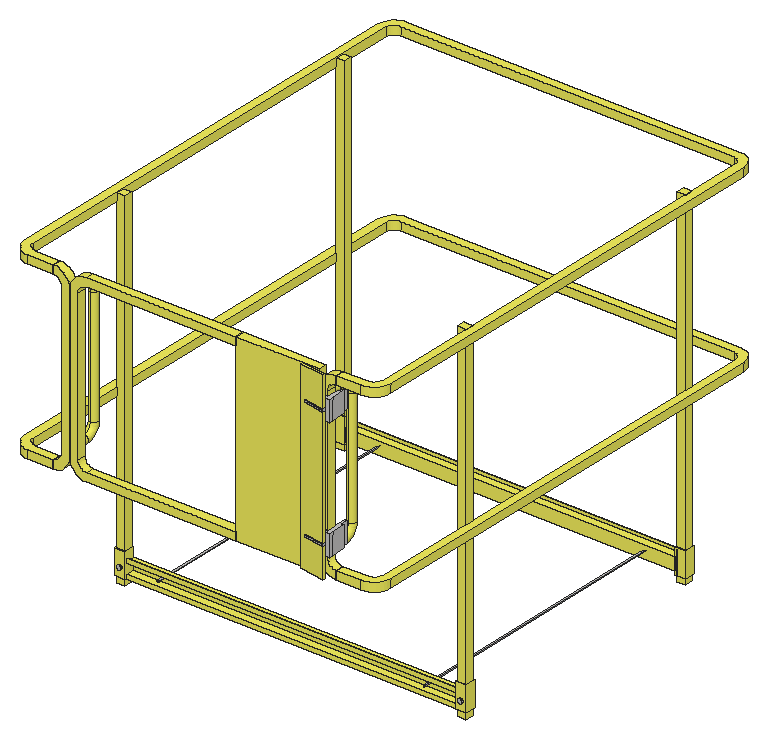
Revit family "Railing_Hatch-Defender-II_BlueWater", category Railings, Revit 2026
Family settings
  Work Plane-Based = No
  Always vertical = Yes
  Cut with Voids When Loaded = No
  Shared = No
Parameters (values of type "30-36 x 30-36")
  Width [instance] = Hatch Outside Width + 6" + 6"  # 44"
  URL = "http://bluewater-mfg.com/"
  Test Data = ""
  Specification = "https://www.arcat.com/sd/speclist.cgi?coid=41461&mf=04&coname=BlueWater%20Mfg.,%20Inc.&speclist=055200blu.05520blu.Handrails.and.Railings_"
  Side Clearance = 6"
  Sales Information = "http://bluewater-mfg.com/request-a-quote/"
  Revision = "R1_2018-05"
  Rear Clearance = 9 1/2"
  Rail Material [instance] = Paint_Enamel - Yellow
  Product Data = "https://www.arcat.com/catalogs/bluewatm/railings-metal/html5/index.html?id=41461"
  Hatch Outside Width = 32"
  Model = "Hatch Defender II 30-36 x 30-36"
  Manufacturer Website = "http://bluewater-mfg.com/"
  Manufacturer Phone - Toll Free = "(866) 494-0974"
  Manufacturer Phone = "(866) 494-0974"
  Manufacturer Fax = ""
  Manufacturer Address = "4064 Peavey Rd, Chaska, MN 55318"
  Manufacturer = "BlueWater"
  Keynote = "05 52 00"
  Installation-Fabrication = "https://www.arcat.com/catalogs/bluewatm/railings-metal/html5/index.html?id=41461"
  Height = 42"
  Hatch Outside Depth = 32"
  Hatch Opening Width = Hatch Outside Width - 2"  # 30"
  Hatch Opening Depth = Hatch Outside Depth - 2"  # 30"
  Hardware Material = Steel - Galvanized - BlueWater
  Green Building-LEED = "https://www.arcat.com/green/clients/cos41/leed_product_credits_41461_169565.html"
  Front Clearance = 15 1/2"
  Drawn By = "Sumex Design, Inc. / Robert S. Weygant, CSI, CDT, SCIP"  # constant formula
  Description = "Hatch Guardrail"
  Depth [instance] = Hatch Outside Depth + 9 1/2" + 15 1/2"  # 57"
  Curb Height - 3" Min [instance] = 3"
  Copyright = "©Arcat Inc. R1_2017-03"  # constant formula
  Construction Details = "https://www.arcat.com/content?coid=41461&w=bluewatm&prodid=169565&mf=&type=cad&qstr=Q:hatch%20AND%20defender"
  Category = ""
  Building Codes = "http://bluewater-mfg.com/osha-regulations/"
Types (6): name | Width | Hatch Outside Width | Model | Hatch Outside Depth | Hatch Opening Width | Hatch Opening Depth | Depth
  (no name) | 44" | 32" | "Hatch Defender II 30-36 x 30-36" | 32" | 30" | 30" | 57"
  30-36 x 30-36 | 44" | 32" | "Hatch Defender II 30-36 x 30-36" | 32" | 30" | 30" | 57"
  30-36 x 42 | 44" | 32" | "Hatch Defender II 30-36 x 42" | 44" | 30" | 42" | 69"
  30-36 x 54 | 44" | 32" | "Hatch Defender II 30-36 x 54" | 56" | 30" | 54" | 81"
  30-36 x 96 | 44" | 32" | "Hatch Defender II 30-36 x 96" | 98" | 30" | 96" | 123"
  48 x 48 | 62" | 50" | "Hatch Defender II 48 x 48" | 50" | 48" | 48" | 75"
Reference planes (in)
  plane 1 "Center (Front/Back)": y = 0
  plane 2 "Bottom": z = 0
  plane 3 "Center (Left/Right)": x = 0
  plane 4 "Left": x = -22
  plane 5 "Right": x = 22
  plane 6 "Back": y = 28.5
  plane 7 "Front": y = -28.5
  plane 8: y = -27.25
  plane 9: y = 19
  plane 10: x = 16
  plane 11: y = -13
  plane 12: x = -15
  plane 13: x = 15
  plane 14: y = 3.125
  plane 15 "Top": z = 42
  plane 16: z = 21
  plane 17: z = 41
  plane 18: z = 20
  plane 19: z = 3
  plane 20: y = -27.5
  plane 21: y = 27.5
  plane 22: x = -21
  plane 23: x = 21
  plane 24: y = 20
  plane 25: x = 20
  plane 26: x = -20
  plane 27: y = -14
  plane 28: y = 20.125
  plane 29: x = 19.875
  plane 30: x = 21.125
  plane 31: y = 18.875
  plane 32: y = -12.875
  plane 33: y = -14.125
  plane 34: x = -19.875
  plane 35: x = -21.125
  plane 36: z = 3.79007
  plane 37: z = 0.79007
  plane 38: z = 1.89504
  plane 39: x = -20.5
  plane 40: x = 20.5
  plane 41: x = 5
  plane 42: x = -14
  plane 43: y = -28.625
  plane 44: y = -28.75
  plane 45: x = -16
  plane 46: x = 16
  plane 47: x = -16
  plane 48: x = 16
  plane 49: z = 31
  plane 50: z = 33
  plane 51: z = 29
  plane 52: y = -24.25
  plane 53: y = -14.25
  plane 54: y = 20.25
  plane 55 "Left Grab Bar": x = -15.5
  plane 56: z = 39.5
  plane 57: z = 22.5
  plane 58: x = -17
  plane 59: x = 17
  plane 60: x = 15.5
Forms (in)
  Extrusion 1, solid, material "Paint_Enamel - Yellow" <- "Rail Material"
    sketch origin (0, 0, 0) x (1, 0, 0) y (0, 1, 0)
      loop
        arc (-22, -26.5) -> (-21.41421, -27.91421) -> (-20, -28.5) r 2
        line (-20, -28.5) -> (-17, -28.5) -> (-17, -27.5) -> (-20, -27.5)
        arc (-20, -27.5) -> (-20.70711, -27.20711) -> (-21, -26.5) r 1
        line (-21, -26.5) -> (-21, 26.5)
        arc (-21, 26.5) -> (-20.70711, 27.20711) -> (-20, 27.5) r 1
        line (-20, 27.5) -> (20, 27.5)
        arc (20, 27.5) -> (20.70711, 27.20711) -> (21, 26.5) r 1
        line (21, 26.5) -> (21, -26.5)
        arc (21, -26.5) -> (20.70711, -27.20711) -> (20, -27.5) r 1
        line (20, -27.5) -> (17, -27.5) -> (17, -28.5) -> (20, -28.5)
        arc (20, -28.5) -> (21.41421, -27.91421) -> (22, -26.5) r 2
        line (22, -26.5) -> (22, 26.5)
        arc (22, 26.5) -> (21.41421, 27.91421) -> (20, 28.5) r 2
        line (20, 28.5) -> (-20, 28.5)
        arc (-20, 28.5) -> (-21.41421, 27.91421) -> (-22, 26.5) r 2
        line (-22, 26.5) -> (-22, -26.5)
    from 41 to 42
  Extrusion 2, solid, material "Paint_Enamel - Yellow" <- "Rail Material"
    sketch origin (0, 0, -15.75) x (1, 0, 0) y (0, 1, 0)
      loop
        arc (-22, -26.5) -> (-21.41421, -27.91421) -> (-20, -28.5) r 2
        line (-20, -28.5) -> (-17, -28.5) -> (-17, -27.5) -> (-20, -27.5)
        arc (-20, -27.5) -> (-20.70711, -27.20711) -> (-21, -26.5) r 1
        line (-21, -26.5) -> (-21, 26.5)
        arc (-21, 26.5) -> (-20.70711, 27.20711) -> (-20, 27.5) r 1
        line (-20, 27.5) -> (20, 27.5)
        arc (20, 27.5) -> (20.70711, 27.20711) -> (21, 26.5) r 1
        line (21, 26.5) -> (21, -26.5)
        arc (21, -26.5) -> (20.70711, -27.20711) -> (20, -27.5) r 1
        line (20, -27.5) -> (17, -27.5) -> (17, -28.5) -> (20, -28.5)
        arc (20, -28.5) -> (21.41421, -27.91421) -> (22, -26.5) r 2
        line (22, -26.5) -> (22, 26.5)
        arc (22, 26.5) -> (21.41421, 27.91421) -> (20, 28.5) r 2
        line (20, 28.5) -> (-20, 28.5)
        arc (-20, 28.5) -> (-21.41421, 27.91421) -> (-22, 26.5) r 2
        line (-22, 26.5) -> (-22, -26.5)
    from 35.75 to 36.75
  Extrusion 3, solid, material "Paint_Enamel - Yellow" <- "Rail Material"
    sketch origin (0, 0, 0) x (1, 0, 0) y (0, 1, 0)
      loop
        line (-21, 20) -> (-21, 19) -> (-20, 19) -> (-20, 20) -> (-21, 20)
      loop
        line (20, 20) -> (20, 19) -> (21, 19) -> (21, 20) -> (20, 20)
      loop
        line (-21, -13) -> (-21, -14) -> (-20, -14) -> (-20, -13) -> (-21, -13)
      loop
        line (20, -13) -> (20, -14) -> (21, -14) -> (21, -13) -> (20, -13)
    from 0 to 42
  Extrusion 4, solid, material "Paint_Enamel - Yellow" <- "Rail Material"
    sketch origin (0, 0, 0) x (1, 0, 0) y (0, 1, 0)
      loop
        line (-21.125, 20.125) -> (-21.125, 18.875) -> (-19.875, 18.875) -> (-19.875, 20.125) -> (-21.125, 20.125)
      loop
        line (-21, 20) -> (-21, 19) -> (-20, 19) -> (-20, 20) -> (-21, 20)
      loop
        line (19.875, 20.125) -> (19.875, 18.875) -> (21.125, 18.875) -> (21.125, 20.125) -> (19.875, 20.125)
      loop
        line (20, 20) -> (20, 19) -> (21, 19) -> (21, 20) -> (20, 20)
      loop
        line (19.875, -12.875) -> (19.875, -14.125) -> (21.125, -14.125) -> (21.125, -12.875) -> (19.875, -12.875)
      loop
        line (20, -13) -> (20, -14) -> (21, -14) -> (21, -13) -> (20, -13)
      loop
        line (-21.125, -12.875) -> (-21.125, -14.125) -> (-19.875, -14.125) -> (-19.875, -12.875) -> (-21.125, -12.875)
      loop
        line (-21, -13) -> (-21, -14) -> (-20, -14) -> (-20, -13) -> (-21, -13)
    from 0.79007 to 3.79007
  Extrusion 5, solid, material "Paint_Enamel - Yellow" <- "Rail Material"
    sketch origin (0, 0, 0) x (0, 1, 0) y (0, 0, 1)
      loop
        line (-12.875, 2.63437) -> (-13.875, 2.63437) -> (-13.875, 3) -> (-14, 3) -> (-14, 2.50937) -> (-13, 2.50937) -> (-13, 1.2807) -> (-14, 1.2807) -> (-14, 0.79007) -> (-13.875, 0.79007) -> (-13.875, 1.1557) -> (-12.875, 1.1557) -> (-12.875, 2.63437)
      loop
        line (18.875, 2.63437) -> (18.875, 1.1557) -> (19.875, 1.1557) -> (19.875, 0.79007) -> (20, 0.79007) -> (20, 1.2807) -> (19, 1.2807) -> (19, 2.50937) -> (20, 2.50937) -> (20, 3) -> (19.875, 3) -> (19.875, 2.63437) -> (18.875, 2.63437)
    from -19.875 to 19.875
  Extrusion 6, solid, material "Steel - Galvanized - BlueWater" <- "Hardware Material"
    sketch origin (0, 0, 0) x (1, 0, 0) y (0, 0, 1)
      loop
        circle (-16, 1.89504) r 0.09376
      loop
        circle (16, 1.89504) r 0.09376
    from -20 to 14
  Extrusion 7, solid, material "Steel - Galvanized - BlueWater" <- "Hardware Material"
    sketch origin (0, 0, 0) x (1, 0, 0) y (0, 0, 1)
      loop
        circle (20.5, 1.89504) r 0.25
      loop
        circle (-20.5, 1.89504) r 0.25
    from 14.125 to 14.25
  Extrusion 8, solid, material "Steel - Galvanized - BlueWater" <- "Hardware Material"
    sketch origin (0, 35.37363, 0) x (1, 0, 0) y (0, 0, 1)
      loop
        circle (20.5, 1.89504) r 0.25
      loop
        circle (-20.5, 1.89504) r 0.25
    from 15.12363 to 15.24863
  Extrusion 9, solid, material "Paint_Enamel - Yellow" <- "Rail Material"
    sketch origin (0, 0, 0) x (1, 0, 0) y (0, 0, 1)
      loop
        line (5, 42) -> (5, 20) -> (15, 20) -> (15, 42) -> (5, 42)
    from 27.5 to 28.5
  Extrusion 10, solid, material "Paint_Enamel - Yellow" <- "Rail Material"
    sketch origin (0, 0, 0) x (1, 0, 0) y (0, 0, 1)
      loop
        arc (-13, 42) -> (-14.41421, 41.41421) -> (-15, 40) r 2
        line (-15, 40) -> (-15, 22)
        arc (-15, 22) -> (-14.41421, 20.58579) -> (-13, 20) r 2
        line (-13, 20) -> (5, 20) -> (5, 21) -> (-13, 21)
        arc (-13, 21) -> (-13.70711, 21.29289) -> (-14, 22) r 1
        line (-14, 22) -> (-14, 40)
        arc (-14, 40) -> (-13.70711, 40.70711) -> (-13, 41) r 1
        line (-13, 41) -> (5, 41) -> (5, 42) -> (-13, 42)
    from 27.5 to 28.5
  Sweep 11, solid, material "Paint_Enamel - Yellow" <- "Rail Material"
    path origin (-15.5, 0, 0) x (0, 1, 0) y (0, 0, 1)
      loop
        line (-27.5, 39.5) -> (-25.75, 39.5)
        arc (-25.75, 39.5) -> (-24.68934, 39.06066) -> (-24.25, 38) r 1.5
        line (-24.25, 38) -> (-24.25, 24)
        arc (-24.25, 24) -> (-24.68934, 22.93934) -> (-25.75, 22.5) r 1.5
        line (-25.75, 22.5) -> (-27.5, 22.5)
    profile origin (-15.5, -26.625, 39.5) x (0, 0, 1) y (1, 0, 0)
      loop
        circle (0, 0) r 0.5
  Sweep 12, solid, material "Paint_Enamel - Yellow" <- "Rail Material"
    path origin (15.5, 0, 0) x (0, 1, 0) y (0, 0, 1)
      loop
        line (-27.5, 39.5) -> (-25.75, 39.5)
        arc (-25.75, 39.5) -> (-24.68934, 39.06066) -> (-24.25, 38) r 1.5
        line (-24.25, 38) -> (-24.25, 24)
        arc (-24.25, 24) -> (-24.68934, 22.93934) -> (-25.75, 22.5) r 1.5
        line (-25.75, 22.5) -> (-27.5, 22.5)
    profile origin (15.5, -26.625, 39.5) x (0, 0, 1) y (1, 0, 0)
      loop
        circle (0, 0) r 0.5
  Extrusion 13, solid, material "Paint_Enamel - Yellow" <- "Rail Material"
    sketch origin (0, 0, 0) x (1, 0, 0) y (0, 1, 0)
      loop
        line (16, -29.25) -> (16, -29) -> (13, -28.5) -> (13, -28.72102) -> (16, -29.25)
    from 20 to 42
Dimensions and locks (in)
  equal spacing: plane 4 "Left", plane 3 "Center (Left/Right)", plane 5 "Right"
  locked: plane 7 "Front" to plane 8 at 1.25
  locked: plane 6 "Back" to plane 9 at 9.5
  "Side Clearance": plane 5 "Right" to plane 10
  locked: plane 7 "Front" to plane 11 at 15.5
  "Hatch Outside Depth": plane 9 to plane 11
  equal spacing: plane 6 "Back", plane 1 "Center (Front/Back)", plane 7 "Front"
  "Height": plane 15 "Top" to level
  equal spacing: plane 15 "Top", plane 16, level
  locked: plane 15 "Top" to plane 17 at 1
  locked: plane 16 to plane 18 at 1
  "Curb Height - 3" Min": plane 19 to level
  equal spacing: plane 13, plane 3 "Center (Left/Right)", plane 12
  locked: plane 13 to plane 12 at 30
  locked: plane 7 "Front" to plane 20 at 1
  locked: plane 6 "Back" to plane 21 at 1
  locked: plane 4 "Left" to plane 22 at 1
  locked: plane 23 to plane 5 "Right" at 1
  locked: plane 24 to plane 9 at 1
  locked: plane 25 to plane 23 at 1
  locked: plane 22 to plane 26 at 1
  locked: plane 27 to plane 11 at 1
  locked: plane 28 to plane 24 at 0.125
  locked: plane 9 to plane 31 at 0.125
  locked: plane 29 to plane 25 at 0.125
  locked: plane 23 to plane 30 at 0.125
  locked: plane 32 to plane 11 at 0.125
  locked: plane 27 to plane 33 at 0.125
  locked: plane 34 to plane 26 at 0.125
  locked: plane 22 to plane 35 at 0.125
  equal spacing: plane 19, plane 38, plane 37
  equal spacing: plane 26, plane 39, plane 22
  equal spacing: plane 23, plane 40, plane 25
  locked: plane 41 to plane 13 at 10
  plane 44 to plane 43 to plane 7 "Front" = 1/8" locked, 1/8" locked
  "Hatch Outside Width": plane 45 to plane 46
  equal spacing: plane 45, plane 3 "Center (Left/Right)", plane 46
  "Side Clearance": plane 4 "Left" to plane 45
  equal spacing: plane 50, plane 49, plane 51
  locked: plane 50 to plane 51 at 4
  locked: plane 52 to plane 20 at 3.25
  locked: plane 27 to plane 53 at 0.25
  locked: plane 54 to plane 24 at 0.25
  equal spacing: plane 12, plane 55 "Left Grab Bar", plane 47
  locked: plane 15 "Top" to plane 56 at 2.5
  locked: plane 18 to plane 57 at 2.5
  locked: plane 12 to plane 58 at 2
  equal spacing: plane 13, plane 60, plane 48
  aligned and locked: plane 2 "Bottom" to level
  aligned and locked: Extrusion 1 sketch curve to plane 6 "Back"
  aligned and locked: plane 21 to Extrusion 1 sketch curve
  aligned and locked: plane 23 to Extrusion 1 sketch curve
  aligned and locked: Extrusion 1 sketch curve to plane 5 "Right"
  aligned and locked: plane 4 "Left" to Extrusion 1 sketch curve
  aligned and locked: Extrusion 1 sketch curve to plane 22
  aligned and locked: plane 15 "Top" to Extrusion 1
  aligned and locked: Extrusion 1 to plane 17
  aligned and locked: Extrusion 2 to plane 18
  aligned and locked: plane 16 to Extrusion 2
  aligned and locked: plane 4 "Left" to Extrusion 2 sketch curve
  aligned and locked: Extrusion 2 sketch curve to plane 22
  aligned and locked: Extrusion 2 sketch curve to plane 6 "Back"
  aligned and locked: plane 21 to Extrusion 2 sketch curve
  aligned and locked: Extrusion 2 sketch curve to plane 5 "Right"
  aligned and locked: plane 23 to Extrusion 2 sketch curve
  aligned and locked: Extrusion 3 sketch curve to plane 24  (x2)
  aligned and locked: plane 22 to Extrusion 3 sketch curve  (x2)
  aligned and locked: plane 26 to Extrusion 3 sketch curve  (x2)
  aligned and locked: plane 9 to Extrusion 3 sketch curve  (x2)
  aligned and locked: Extrusion 3 sketch curve to plane 23  (x2)
  aligned and locked: plane 25 to Extrusion 3 sketch curve  (x2)
  aligned and locked: Extrusion 3 to level
  aligned and locked: plane 15 "Top" to Extrusion 3
  aligned and locked: plane 11 to Extrusion 3 sketch curve  (x2)
  aligned and locked: Extrusion 3 sketch curve to plane 27  (x2)
  aligned and locked: Extrusion 4 sketch curve to plane 28  (x2)
  aligned and locked: plane 34 to Extrusion 4 sketch curve  (x2)
  aligned and locked: Extrusion 4 sketch curve to plane 31  (x2)
  aligned and locked: plane 35 to Extrusion 4 sketch curve  (x2)
  aligned and locked: Extrusion 4 sketch curve to plane 24  (x2)
  aligned and locked: plane 9 to Extrusion 4 sketch curve  (x2)
  aligned and locked: plane 26 to Extrusion 4 sketch curve  (x2)
  aligned and locked: plane 22 to Extrusion 4 sketch curve  (x2)
  aligned and locked: plane 29 to Extrusion 4 sketch curve  (x2)
  aligned and locked: plane 30 to Extrusion 4 sketch curve  (x2)
  aligned and locked: plane 25 to Extrusion 4 sketch curve  (x2)
  aligned and locked: Extrusion 4 sketch curve to plane 23  (x2)
  aligned and locked: Extrusion 4 sketch curve to plane 32  (x2)
  aligned and locked: Extrusion 4 sketch curve to plane 33  (x2)
  aligned and locked: plane 11 to Extrusion 4 sketch curve  (x2)
  aligned and locked: Extrusion 4 sketch curve to plane 27  (x2)
  aligned and locked: plane 36 to Extrusion 4
  aligned and locked: Extrusion 4 to plane 37
  aligned and locked: plane 32 to Extrusion 5 sketch curve
  aligned and locked: Extrusion 5 sketch curve to plane 27  (x2)
  aligned and locked: plane 34 to Extrusion 5
  aligned and locked: plane 29 to Extrusion 5
  aligned and locked: plane 38 to Extrusion 6 sketch curve  (x2)
  aligned and locked: plane 10 to Extrusion 6 sketch curve
  aligned and locked: plane 24 to Extrusion 6
  aligned and locked: plane 27 to Extrusion 6
  aligned and locked: Extrusion 5 sketch curve to plane 19
  aligned and locked: Extrusion 5 sketch curve to plane 11
  aligned and locked: Extrusion 5 sketch curve to plane 37
  aligned and locked: plane 37 to Extrusion 5 sketch curve
  aligned and locked: plane 19 to Extrusion 5 sketch curve
  aligned and locked: plane 24 to Extrusion 5 sketch curve  (x2)
  aligned and locked: plane 40 to Extrusion 7 sketch curve
  aligned and locked: plane 38 to Extrusion 7 sketch curve  (x2)
  aligned and locked: plane 39 to Extrusion 7 sketch curve
  aligned and locked: Extrusion 7 to plane 33
  aligned and locked: Extrusion 8 to plane 28
  aligned and locked: Extrusion 9 sketch curve to plane 15 "Top"
  aligned and locked: plane 13 to Extrusion 9 sketch curve
  aligned and locked: plane 18 to Extrusion 9 sketch curve
  aligned and locked: Extrusion 9 sketch curve to plane 41
  aligned and locked: Extrusion 9 to plane 20
  aligned and locked: plane 7 "Front" to Extrusion 9
  aligned and locked: plane 17 to Extrusion 10 sketch curve
  aligned and locked: Extrusion 10 sketch curve to plane 15 "Top"
  aligned and locked: plane 41 to Extrusion 10 sketch curve
  aligned and locked: plane 42 to Extrusion 10 sketch curve
  aligned and locked: plane 12 to Extrusion 10 sketch curve
  aligned and locked: Extrusion 10 sketch curve to plane 18
  aligned and locked: plane 16 to Extrusion 10 sketch curve
  aligned and locked: Extrusion 10 sketch curve to plane 41
  aligned and locked: plane 7 "Front" to Extrusion 10
  aligned and locked: Extrusion 10 to plane 20
  aligned and locked: plane 53 to Extrusion 7
  aligned and locked: plane 54 to Extrusion 8
  aligned and locked: Sweep 11 sketch curve to plane 52
  aligned and locked: plane 56 to Sweep 11 sketch curve
  aligned and locked: plane 57 to Sweep 11 sketch curve
  aligned and locked: plane 20 to Sweep 11 sketch curve  (x2)
  aligned and locked: plane 20 to nested 1
  aligned and locked: plane 7 "Front" to nested 1
  aligned and locked: plane 12 to nested 1
  aligned and locked: plane 15 "Top" to nested 1
  aligned and locked: nested 1 to plane 18
  aligned and locked: plane 58 to nested 1
  aligned and locked: Extrusion 1 sketch curve to plane 7 "Front"
  aligned and locked: plane 20 to Extrusion 1 sketch curve
  aligned and locked: Extrusion 1 sketch curve to plane 58
  aligned and locked: plane 20 to Extrusion 2 sketch curve
  aligned and locked: Extrusion 2 sketch curve to plane 7 "Front"
  aligned and locked: Extrusion 2 sketch curve to plane 58
  aligned and locked: nested 2 to plane 20
  aligned and locked: nested 2 to plane 7 "Front"
  aligned and locked: nested 2 to plane 13
  aligned and locked: Extrusion 9 to plane 13
  aligned and locked: plane 59 to nested 2
  aligned and locked: Extrusion 1 sketch curve to plane 59
  aligned and locked: plane 7 "Front" to Extrusion 1 sketch curve
  aligned and locked: Extrusion 1 sketch curve to plane 20
  aligned and locked: Extrusion 2 sketch curve to plane 59
  aligned and locked: plane 7 "Front" to Extrusion 2 sketch curve
  aligned and locked: Extrusion 2 sketch curve to plane 20
  aligned and locked: plane 60 to Sweep 12 sketch curve
  aligned and locked: plane 56 to Sweep 12 sketch curve  (x2)
  aligned and locked: Sweep 12 sketch curve to plane 52
  aligned and locked: plane 57 to Sweep 12 sketch curve
  aligned and locked: plane 20 to Sweep 12 sketch curve  (x2)
  aligned and locked: plane 48 to nested 3
  aligned and locked: plane 7 "Front" to nested 3
  aligned and locked: plane 56 to nested 3
  aligned and locked: nested 4 to plane 57
  aligned and locked: plane 48 to nested 4
  aligned and locked: plane 7 "Front" to nested 4
  aligned and locked: Extrusion 13 sketch curve to plane 48
  aligned and locked: Extrusion 13 sketch curve to nested 3  (x2)
  aligned and locked: plane 15 "Top" to Extrusion 13
  aligned and locked: Extrusion 13 to plane 18
Automatic sketch dimensions
  Extrusion 1 sketch curve to Extrusion 1 sketch curve = 0"  (x8)
  Extrusion 1 sketch curve to plane 26 = 0"  (x2)
  Extrusion 1 sketch curve to plane 25 = 0"  (x2)
  Extrusion 2 sketch curve to Extrusion 2 sketch curve = 0"  (x8)
  Extrusion 2 sketch curve to plane 26 = 0"  (x2)
  Extrusion 2 sketch curve to plane 25 = 0"  (x2)
  Extrusion 3 sketch curve to plane 23 = 0"
  Extrusion 5 sketch curve to plane 31 = 0"
  Extrusion 5 sketch curve to plane 9 = 0"
  Extrusion 5 sketch curve to plane 27 = 1/8"  (x2)
  Extrusion 5 sketch curve to plane 24 = 1/8"
  Extrusion 5 sketch curve to Extrusion 5 sketch curve = 1/8"  (x5)
  plane 37 to Extrusion 5 sketch curve = 0.36563"  (x2)
  Extrusion 5 sketch curve to plane 19 = 0.49063"
  Extrusion 5 sketch curve to Extrusion 5 sketch curve = 0.49063"
  Extrusion 6 sketch curve to plane 45 = 0"
  Extrusion 8 sketch curve to plane 38 = 0"  (x2)
  Extrusion 8 sketch curve to plane 39 = 0"
  Extrusion 8 sketch curve to plane 40 = 0"
  Extrusion 10 sketch curve to Extrusion 10 sketch curve = 0"  (x4)
  Extrusion 10 sketch curve to plane 42 = 1"
  plane 56 to Extrusion 10 sketch curve = 1/2"
  Sweep 11 sketch curve to plane 8 = 1 1/2"  (x2)
  Sweep 11 sketch curve to plane 55 "Left Grab Bar" = 0"
  Sweep 11 sketch curve to profile plane = 0"
  Sweep 12 sketch curve to plane 8 = 1 1/2"  (x2)
  plane 7 "Front" to Extrusion 13 sketch curve = 0"
  radius of Extrusion 6 sketch curve = 3/32"  (x2)
  radius of Extrusion 7 sketch curve = 1/4"  (x2)
  radius of Extrusion 8 sketch curve = 1/4"  (x2)
  radius of Sweep 11 sketch curve = 1/2"
  radius of Sweep 12 sketch curve = 1/2"
Nested families (in)
  nested 1: "Railing-End" at (-17, -28, 42), Material <- "Rail Material", type "Railing-End"
    with Material Paint_Enamel - Yellow
  nested 2: "Railing-End" at (17, -28, 42) x (-1, 0, 0) z (0, 0, 1), Material <- "Rail Material", type "Railing-End"
    with Material Paint_Enamel - Yellow
  nested 3: "Hinge" at (16, -28.5, 39.5), Material <- "Hardware Material", type "Hinge"
    with Material Steel - Galvanized - BlueWater
  nested 4: "Hinge" at (16, -28.5, 25), Material <- "Hardware Material", type "Hinge"
    with Material Steel - Galvanized - BlueWater
Definition of nested family "Railing-End"
  Parameters (values of type "Railing-End")
    Material [instance] = none
    Default Elevation = 0"
  Reference planes (in)
    plane 1 "Center (Front/Back)": y = 0
    plane 2: z = 0
    plane 3 "Center (Left/Right)": x = 0
    plane 4: x = 2
    plane 5: z = -22
    plane 6: y = 0.5
    plane 7: y = -0.5
  Forms (in)
    Extrusion 1, solid, material <- "Material"
      sketch origin (0, 0, 0) x (1, 0, 0) y (0, 0, 1)
        loop
          line (2, -20) -> (2, -2)
          arc (2, -2) -> (1.41421, -0.58579) -> (0, 0) r 2
          line (0, 0) -> (0, -1)
          arc (0, -1) -> (0.70711, -1.29289) -> (1, -2) r 1
          line (1, -2) -> (1, -20)
          arc (1, -20) -> (0.70711, -20.70711) -> (0, -21) r 1
          line (0, -21) -> (0, -22)
          arc (0, -22) -> (1.41421, -21.41421) -> (2, -20) r 2
      from -0.5 to 0.5
  Dimensions and locks (in)
    locked: level to plane 5 at 22
    locked: plane 4 to plane 3 "Center (Left/Right)" at 2
    equal spacing: plane 7, plane 1 "Center (Front/Back)", plane 6
    locked: plane 7 to plane 6 at 1
    aligned and locked: plane 2 to level
    aligned and locked: plane 3 "Center (Left/Right)" to Extrusion 1 sketch curve
    aligned and locked: Extrusion 1 sketch curve to plane 3 "Center (Left/Right)"
    aligned and locked: plane 4 to Extrusion 1 sketch curve
    aligned and locked: level to Extrusion 1 sketch curve
    aligned and locked: plane 5 to Extrusion 1 sketch curve
    aligned and locked: Extrusion 1 to plane 6
    aligned and locked: plane 7 to Extrusion 1
  Automatic sketch dimensions
    Extrusion 1 sketch curve to Extrusion 1 sketch curve = 0"  (x3)
    Extrusion 1 sketch curve to Extrusion 1 sketch curve = 1"
Definition of nested family "Hinge"
  Parameters (values of type "Hinge")
    Material [instance] = none
    Default Elevation = 0"
  Reference planes (in)
    plane 1 "Center (Front/Back)": y = 0
    plane 2: z = 0
    plane 3 "Center (Left/Right)": x = 0
    plane 4: z = -2.5
    plane 5: z = -1.25
    plane 6: z = -1.125
    plane 7: z = -1.375
    plane 8: x = 0.65311
    plane 9: y = -0.5
  Forms (in)
    Extrusion 1, solid, material <- "Material"
      sketch origin (0, 0, 0) x (1, 0, 0) y (0, 1, 0)
        loop
          line (0, 0) -> (-1.5, 0) -> (-1.5, -0.25) -> (0, -0.5) -> (0.65311, -0.5) -> (0.65311, 0) -> (0.5, 1.75) -> (0.25, 1.75) -> (0.25, 2.5) -> (0, 2.5) -> (0, 0)
      from -2.5 to 0
    Extrusion 2, solid, material <- "Material"
      sketch origin (0, 0, 0) x (1, 0, 0) y (0, 1, 0)
        loop
          line (0, -0.5) -> (0, -0.75) -> (-2.42452, -0.32249) -> (-2.42452, -0.41322) -> (0, -0.84073) -> (0.0979, -0.84073) -> (0.0979, -0.5) -> (0, -0.5)
      from -1.375 to -1.125
  Dimensions and locks (in)
    locked: plane 3 "Center (Left/Right)" to plane 8 at 0.65311
    locked: plane 9 to plane 1 "Center (Front/Back)" at 0.5
    aligned and locked: plane 2 to level
    aligned and locked: level to Extrusion 1
    aligned and locked: Extrusion 1 to plane 4
    aligned and locked: plane 7 to Extrusion 2
    aligned and locked: plane 6 to Extrusion 2
    aligned and locked: Extrusion 1 to plane 9
    aligned and locked: plane 8 to Extrusion 1
    aligned and locked: Extrusion 1 to plane 3 "Center (Left/Right)"
    aligned and locked: Extrusion 1 to plane 1 "Center (Front/Back)"
